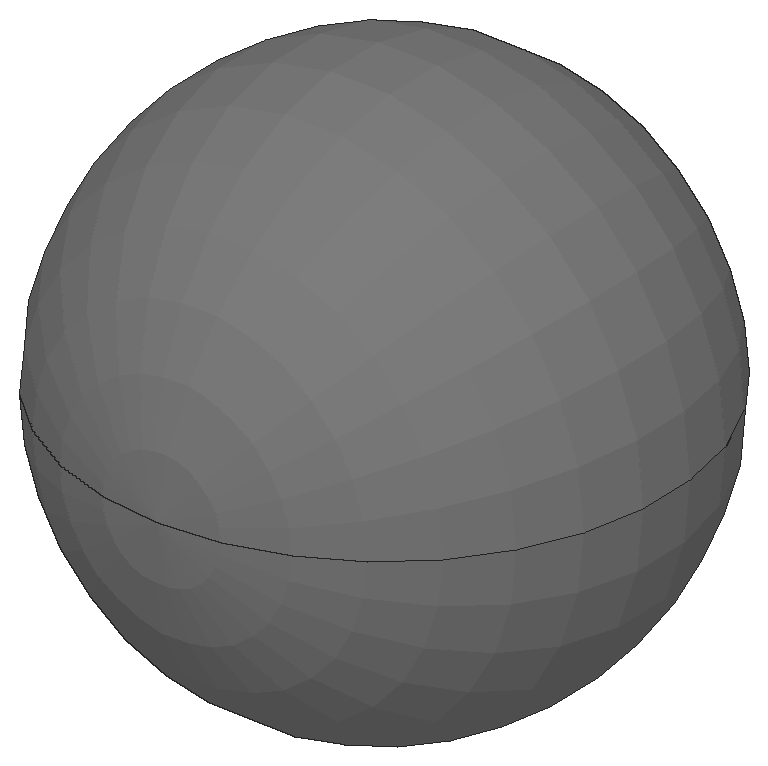
Revit family "PointOfView", category Generic Models, Revit 2013
Reference planes (in)
  plane 1 "Center (Front/Back)": y = 0
  plane 2: z = 0
  plane 3 "Center (Left/Right)": x = 0
Forms (in)
  Revolve 1, solid, material "Analytical Floor Surface"
    sketch origin (0, 0, 0) x (1, 0, 0) y (0, 1, 0)
      loop
        line (0, 17) -> (0, -17)
        arc (0, -17) -> (17, 0) -> (0, 17) r 17
      axis (0, 17) -> (0, -17)
    angle from 0 to 360
